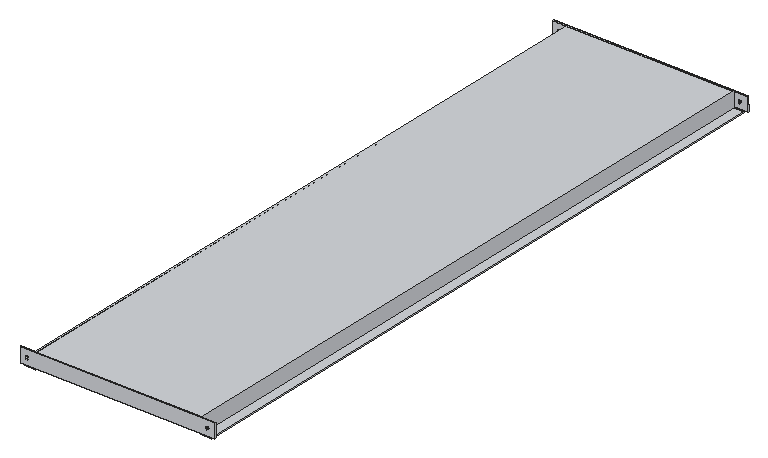
Revit family "Support Framing System (Thermal Block Insulation) (Upper End Support Channel)", category Mechanical Equipment, Revit 2015
Parameters
  Width = 1' - 0"
  URL = "https://unitedenertech.com/catalog/pdf/M_38%20SUPPORT%20FRAMING%20SYSTEM%20(THERMAL%20BLOCK).pdf"
  Type Comments = "Consult Factory for Max. Sizes"
  Model = "Support Framing System (Thermal Block Insulation) (Upper End Support Channel)"
  Manufacturer = "Untied Enertech Corporation"
  Length = 4' - 0"
  End Plate Width = 1' - 2"
  Description = "Support Framing System for Thermal Block Insulated Roof"
Reference planes (in)
  plane 1 "Center (Front/Back)": y = 0
  plane 2: z = 0
  plane 3 "Center (Left/Right)": x = 0
  plane 4: x = -6
  plane 5: x = 6
  plane 6: x = -6.75
  plane 7: x = 6.75
  plane 8: z = 0.0747
  plane 9: x = -5.9253
  plane 10: x = 5.9253
  plane 11: y = 24
  plane 12: y = -24
  plane 13: z = 1.125
  plane 14: z = 1.0503
  plane 15: y = -23.9253
  plane 16: y = 23.9253
  plane 17: x = -7
  plane 18: x = 7
  plane 19: x = -6.5
  plane 20: x = 6.5
  plane 21: z = 0.125
  plane 22: z = 0.625
Forms (in)
  Extrusion 1, solid
    sketch origin (0, 0, 0) x (1, 0, 0) y (0, 0, 1)
      loop
        line (-6.75, 0) -> (-5.9253, 0) -> (-5.9253, 1.0503) -> (5.9253, 1.0503) -> (5.9253, 0) -> (6.75, 0) -> (6.75, 0.0747) -> (6, 0.0747) -> (6, 1.125) -> (-6, 1.125) -> (-6, 0.0747) -> (-6.75, 0.0747) -> (-6.75, 0)
    from -23.9253 to 23.9253
  Extrusion 2, solid
    sketch origin (0, 0, 0) x (1, 0, 0) y (0, 0, 1)
      loop
        line (-7, 1.125) -> (-7, 0.125) -> (7, 0.125) -> (7, 1.125) -> (-7, 1.125)
      loop
        circle (-6.5, 0.625) r 0.125
      loop
        circle (6.5, 0.625) r 0.125
    from 23.9253 to 24
  Extrusion 3, solid
    sketch origin (0, 0, 0) x (1, 0, 0) y (0, 0, 1)
      loop
        line (-7, 1.125) -> (-7, 0.125) -> (7, 0.125) -> (7, 1.125) -> (-7, 1.125)
      loop
        circle (-6.5, 0.625) r 0.125
      loop
        circle (6.5, 0.625) r 0.125
    from -24 to -23.9253
Dimensions and locks (in)
  equal spacing: plane 5, plane 3 "Center (Left/Right)", plane 4
  "Width": plane 5 to plane 4
  locked: plane 6 to plane 4 at 0.75
  locked: plane 7 to plane 5 at 0.75
  locked: plane 8 to level at 0.0747
  locked: plane 4 to plane 9 at 0.0747
  locked: plane 5 to plane 10 at 0.0747
  equal spacing: plane 11, plane 1 "Center (Front/Back)", plane 12
  "Length": plane 11 to plane 12
  locked: plane 13 to plane 14 at 0.0747
  locked: plane 13 to level at 1.125
  locked: plane 15 to plane 12 at 0.0747
  locked: plane 11 to plane 16 at 0.0747
  equal spacing: plane 17, plane 3 "Center (Left/Right)", plane 18
  "End Plate Width": plane 17 to plane 18
  locked: plane 17 to plane 19 at 0.5
  locked: plane 20 to plane 18 at 0.5
  locked: plane 13 to plane 22 at 0.5
  locked: plane 13 to plane 21 at 1
  aligned and locked: level to plane 2
  aligned and locked: Extrusion 1 sketch curve to plane 6
  aligned and locked: Extrusion 1 sketch curve to plane 7
  aligned and locked: Extrusion 1 sketch curve to plane 8  (x2)
  aligned and locked: level to Extrusion 1 sketch curve  (x2)
  aligned and locked: plane 4 to Extrusion 1 sketch curve
  aligned and locked: Extrusion 1 sketch curve to plane 13
  aligned and locked: Extrusion 1 sketch curve to plane 5
  aligned and locked: plane 14 to Extrusion 1 sketch curve
  aligned and locked: plane 9 to Extrusion 1 sketch curve
  aligned and locked: plane 10 to Extrusion 1 sketch curve
  aligned and locked: plane 16 to Extrusion 1
  aligned and locked: Extrusion 1 to plane 15
  aligned and locked: Extrusion 2 sketch curve to plane 13
  aligned and locked: Extrusion 2 sketch curve to plane 17
  aligned and locked: plane 18 to Extrusion 2 sketch curve
  aligned and locked: Extrusion 2 sketch curve to plane 21
  aligned and locked: plane 15 to Extrusion 2
  aligned and locked: Extrusion 2 to plane 12
  aligned and locked: plane 11 to Extrusion 3
  aligned and locked: Extrusion 3 to plane 16
Automatic sketch dimensions
  plane 19 to Extrusion 2 sketch curve = 0' - 0"
  plane 20 to Extrusion 2 sketch curve = 0' - 0"
  Extrusion 2 sketch curve to plane 22 = 0' - 0"  (x2)
  Extrusion 3 sketch curve to plane 13 = 0' - 0"
  plane 17 to Extrusion 3 sketch curve = 0' - 0"
  plane 19 to Extrusion 3 sketch curve = 0' - 0"
  plane 20 to Extrusion 3 sketch curve = 0' - 0"
  plane 18 to Extrusion 3 sketch curve = 0' - 0"
  Extrusion 3 sketch curve to plane 21 = 0' - 0"
  Extrusion 3 sketch curve to plane 22 = 0' - 0"  (x2)
  radius of Extrusion 2 sketch curve = 0' - 0 1/8"  (x2)
  radius of Extrusion 3 sketch curve = 0' - 0 1/8"  (x2)
